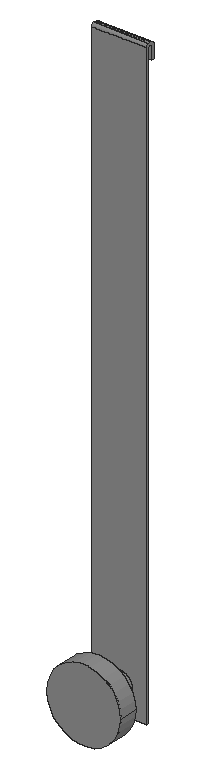
Revit family "Haworth_Pergola_Accessory_CoatHook_PRELIM", category Furniture Systems, Revit 2018
Family settings
  Round Connector Dimension = Use Diameter
  Part Type = Normal
  OmniClass Number = 23.40.20.00
  OmniClass Title = General Furniture and Specialties
  Work Plane-Based = No
  Always vertical = Yes
  Cut with Voids When Loaded = No
  Shared = No
  Room Calculation Point = No
Parameters (values of type "Coat Hook")
  Warranty = "http://www.haworth.com/resources/product-info/warranties"
  Version = "1"  # constant formula
  URL Product = "https://www.haworth.com/na/en/inspiration/pergola.html"
  URL = "http://haworthcollection.com/"
  Sustainability Info = "https://www.haworth.com/na/en/expertise/sustainability.html"
  Small [instance] = no
  Size = "Verify Final Dim. w/ Haworth"  # constant formula
  Model = ""
  Manufacturer = "Haworth"  # constant formula
  Standard Length = "4.5, 31.25, and 55.25 in."  # constant formula
  Large - Single [instance] = yes
  Large - Double [instance] = not(or(Small, [Large - Single]))  # no
  Description = "Haworth - Pergola - Accessories - Coat Hook"  # constant formula
  Coat Hook Finish [instance] = Haworth _ Paint _ Undecided _ Pergola
  Author = "Haworth (Bentzen)"  # constant formula
  Assembly Code = "E2020200"
Reference planes (in)
  plane 1 "Center Front/Back": y = -0.33971
  plane 2: z = 0
  plane 3 "Center Left/Right": x = 0
  plane 4 "Bottom of Mounting Bracket - Large Hook": z = 96
  plane 5 "Bottom of Mounting Bracket - Small Hook": z = 76
  plane 6: z = 69.64409
  plane 7: z = 70.14409
  plane 8: z = 63.43729
  plane 9: z = 62.93729
  plane 10 "Front": y = -2.81836
  plane 11 "Left": x = -1.47638
  plane 12 "Right": x = 1.47638
Forms (in)
  Extrusion 1, solid, material "Haworth _ Paint _ Undecided _ Pergola" <- "Coat Hook Finish", visible <- "Small"
    sketch origin (0, 0.14611, 76.06524) x (0, 1, 0) y (0, 0, 1)
      loop
        line (-0.59055, -5.92114) -> (-0.48583, -5.92114) -> (-0.48583, -0.06524)
        arc (-0.48583, -0.06524) -> (-0.47429, -0.0374) -> (-0.44645, -0.02587) r 0.03937
        line (-0.44645, -0.02587) -> (0.94725, -0.02587) -> (0.94725, 0.07886) -> (-0.44645, 0.07886)
        arc (-0.44645, 0.07886) -> (-0.54835, 0.03665) -> (-0.59055, -0.06524) r 0.14409
        line (-0.59055, -0.06524) -> (-0.59055, -5.92114)
    from -1.47638 to 1.47638
  Extrusion 2, solid, material "Haworth _ Paint _ Undecided _ Pergola" <- "Coat Hook Finish", visible <- "Small"
    sketch origin (0, 0, 77.73711) x (1, 0, 0) y (0, 0, 1)
      loop
        circle (0, -6.1261) r 0.67914
    from 0.44444 to 1.82641
  Extrusion 3, solid, material "Haworth _ Paint _ Undecided _ Pergola" <- "Coat Hook Finish", visible <- "Small"
    sketch origin (0, 0, 77.73711) x (1, 0, 0) y (0, 0, 1)
      loop
        circle (0, -6.1261) r 1.9685
    from 1.82641 to 2.81836
  Extrusion 4, solid, material "Haworth _ Paint _ Undecided _ Pergola" <- "Coat Hook Finish", visible <- "Large - Single"
    sketch origin (0, 0.14611, 69.35844) x (0, 1, 0) y (0, 0, 1)
      loop
        line (-0.59055, -5.92114) -> (-0.48583, -5.92114) -> (-0.48583, 26.64156)
        arc (-0.48583, 26.64156) -> (-0.47429, 26.6694) -> (-0.44645, 26.68093) r 0.03937
        line (-0.44645, 26.68093) -> (-0.28897, 26.68093)
        arc (-0.28897, 26.68093) -> (-0.26114, 26.6694) -> (-0.2496, 26.64156) r 0.03937
        line (-0.2496, 26.64156) -> (-0.2496, 25.9018) -> (-0.14488, 25.9018) -> (-0.14488, 26.64156)
        arc (-0.14488, 26.64156) -> (-0.18579, 26.74216) -> (-0.2853, 26.78566) r 0.14414
        line (-0.2853, 26.78566) -> (-0.44645, 26.78566)
        arc (-0.44645, 26.78566) -> (-0.54835, 26.74345) -> (-0.59055, 26.64156) r 0.14409
        line (-0.59055, 26.64156) -> (-0.59055, -5.92114)
    from -1.47638 to 1.47638
  Extrusion 5, solid, material "Haworth _ Paint _ Undecided _ Pergola" <- "Coat Hook Finish", visible <- "Large - Single"
    sketch origin (0, 0, 71.03031) x (1, 0, 0) y (0, 0, 1)
      loop
        circle (0, -6.1261) r 0.67914
    from 0.44444 to 1.82641
  Extrusion 6, solid, material "Haworth _ Paint _ Undecided _ Pergola" <- "Coat Hook Finish", visible <- "Large - Single"
    sketch origin (0, 0, 71.03031) x (1, 0, 0) y (0, 0, 1)
      loop
        circle (0, -6.1261) r 1.9685
    from 1.82641 to 2.81836
  Extrusion 7, solid, material "Haworth _ Paint _ Undecided _ Pergola" <- "Coat Hook Finish", visible <- "Large - Double"
    sketch origin (0, 0.14611, 69.35844) x (0, 1, 0) y (0, 0, 1)
      loop
        line (-0.59055, -29.92115) -> (-0.48583, -29.92115) -> (-0.48583, 26.64156)
        arc (-0.48583, 26.64156) -> (-0.47429, 26.6694) -> (-0.44645, 26.68093) r 0.03937
        line (-0.44645, 26.68093) -> (-0.28897, 26.68093)
        arc (-0.28897, 26.68093) -> (-0.26114, 26.6694) -> (-0.2496, 26.64156) r 0.03937
        line (-0.2496, 26.64156) -> (-0.2496, 25.9018) -> (-0.14488, 25.9018) -> (-0.14488, 26.64156)
        arc (-0.14488, 26.64156) -> (-0.18579, 26.74216) -> (-0.2853, 26.78566) r 0.14414
        line (-0.2853, 26.78566) -> (-0.44645, 26.78566)
        arc (-0.44645, 26.78566) -> (-0.54835, 26.74345) -> (-0.59055, 26.64156) r 0.14409
        line (-0.59055, 26.64156) -> (-0.59055, -29.92115)
    from -1.47638 to 1.47638
  Extrusion 8, solid, material "Haworth _ Paint _ Undecided _ Pergola" <- "Coat Hook Finish", visible <- "Large - Double"
    sketch origin (0, 0, 71.03031) x (1, 0, 0) y (0, 0, 1)
      loop
        circle (0, -6.1261) r 0.67914
    from 0.44444 to 1.82641
  Extrusion 9, solid, material "Haworth _ Paint _ Undecided _ Pergola" <- "Coat Hook Finish", visible <- "Large - Double"
    sketch origin (0, 0, 71.03031) x (1, 0, 0) y (0, 0, 1)
      loop
        circle (0, -6.1261) r 1.9685
    from 1.82641 to 2.81836
  Extrusion 10, solid, material "Haworth _ Paint _ Undecided _ Pergola" <- "Coat Hook Finish", visible <- "Large - Double"
    sketch origin (0, 0, 47.03031) x (1, 0, 0) y (0, 0, 1)
      loop
        circle (0, -6.1261) r 0.67914
    from 0.44444 to 1.82641
  Extrusion 11, solid, material "Haworth _ Paint _ Undecided _ Pergola" <- "Coat Hook Finish", visible <- "Large - Double"
    sketch origin (0, 0, 47.03031) x (1, 0, 0) y (0, 0, 1)
      loop
        circle (0, -6.1261) r 1.9685
    from 1.82641 to 2.81836
  Extrusion 12, solid, material "Haworth _ Paint _ Undecided _ Pergola" <- "Coat Hook Finish", visible <- "Large - Single", not visible
    sketch origin (18, 0.14611, 69.35844) x (0, 1, 0) y (0, 0, 1)
      loop
        line (-0.59055, -5.92114) -> (-0.48583, -5.92114) -> (-0.48583, 26.64156)
        arc (-0.48583, 26.64156) -> (-0.47429, 26.6694) -> (-0.44645, 26.68093) r 0.03937
        line (-0.44645, 26.68093) -> (-0.28897, 26.68093)
        arc (-0.28897, 26.68093) -> (-0.26114, 26.6694) -> (-0.2496, 26.64156) r 0.03937
        line (-0.2496, 26.64156) -> (-0.2496, 25.9018) -> (-0.14488, 25.9018) -> (-0.14488, 26.64156)
        arc (-0.14488, 26.64156) -> (-0.18579, 26.74216) -> (-0.2853, 26.78566) r 0.14414
        line (-0.2853, 26.78566) -> (-0.44645, 26.78566)
        arc (-0.44645, 26.78566) -> (-0.54835, 26.74345) -> (-0.59055, 26.64156) r 0.14409
        line (-0.59055, 26.64156) -> (-0.59055, -5.92114)
    from -1.47638 to 1.47638
  Extrusion 13, solid, material "Haworth _ Paint _ Undecided _ Pergola" <- "Coat Hook Finish", visible <- "Large - Single", not visible
    sketch origin (18, 0, 71.03031) x (1, 0, 0) y (0, 0, 1)
      loop
        circle (0, -6.1261) r 0.67914
    from 0.44444 to 1.82641
  Extrusion 14, solid, material "Haworth _ Paint _ Undecided _ Pergola" <- "Coat Hook Finish", visible <- "Large - Single", not visible
    sketch origin (18, 0, 71.03031) x (1, 0, 0) y (0, 0, 1)
      loop
        circle (0, -6.1261) r 1.9685
    from 1.82641 to 2.81836
  Extrusion 15, solid, material "Haworth _ Paint _ Undecided _ Pergola" <- "Coat Hook Finish", visible <- "Small", not visible
    sketch origin (0, 0.14611, 76.06524) x (0, 1, 0) y (0, 0, 1)
      loop
        line (-0.59055, -5.92114) -> (-0.48583, -5.92114) -> (-0.48583, -0.06524)
        arc (-0.48583, -0.06524) -> (-0.47429, -0.0374) -> (-0.44645, -0.02587) r 0.03937
        line (-0.44645, -0.02587) -> (0.94725, -0.02587) -> (0.94725, 0.07886) -> (-0.44645, 0.07886)
        arc (-0.44645, 0.07886) -> (-0.54835, 0.03665) -> (-0.59055, -0.06524) r 0.14409
        line (-0.59055, -0.06524) -> (-0.59055, -5.92114)
    from -1.47638 to 1.47638
  Extrusion 16, solid, material "Haworth _ Paint _ Undecided _ Pergola" <- "Coat Hook Finish", visible <- "Small", not visible
    sketch origin (0, 0, 77.73711) x (1, 0, 0) y (0, 0, 1)
      loop
        circle (0, -6.1261) r 0.67914
    from 0.44444 to 1.82641
  Extrusion 17, solid, material "Haworth _ Paint _ Undecided _ Pergola" <- "Coat Hook Finish", visible <- "Small", not visible
    sketch origin (0, 0, 77.73711) x (1, 0, 0) y (0, 0, 1)
      loop
        circle (0, -6.1261) r 1.9685
    from 1.82641 to 2.81836
  Extrusion 18, solid, material "Haworth _ Paint _ Undecided _ Pergola" <- "Coat Hook Finish", visible <- "Large - Double", not visible
    sketch origin (30, 0.14611, 69.35844) x (0, 1, 0) y (0, 0, 1)
      loop
        line (-0.59055, -29.92115) -> (-0.48583, -29.92115) -> (-0.48583, 26.64156)
        arc (-0.48583, 26.64156) -> (-0.47429, 26.6694) -> (-0.44645, 26.68093) r 0.03937
        line (-0.44645, 26.68093) -> (-0.28897, 26.68093)
        arc (-0.28897, 26.68093) -> (-0.26114, 26.6694) -> (-0.2496, 26.64156) r 0.03937
        line (-0.2496, 26.64156) -> (-0.2496, 25.9018) -> (-0.14488, 25.9018) -> (-0.14488, 26.64156)
        arc (-0.14488, 26.64156) -> (-0.18579, 26.74216) -> (-0.2853, 26.78566) r 0.14414
        line (-0.2853, 26.78566) -> (-0.44645, 26.78566)
        arc (-0.44645, 26.78566) -> (-0.54835, 26.74345) -> (-0.59055, 26.64156) r 0.14409
        line (-0.59055, 26.64156) -> (-0.59055, -29.92115)
    from -1.47638 to 1.47638
  Extrusion 19, solid, material "Haworth _ Paint _ Undecided _ Pergola" <- "Coat Hook Finish", visible <- "Large - Double", not visible
    sketch origin (30, 0, 71.03031) x (1, 0, 0) y (0, 0, 1)
      loop
        circle (0, -6.1261) r 0.67914
    from 0.44444 to 1.82641
  Extrusion 20, solid, material "Haworth _ Paint _ Undecided _ Pergola" <- "Coat Hook Finish", visible <- "Large - Double", not visible
    sketch origin (30, 0, 71.03031) x (1, 0, 0) y (0, 0, 1)
      loop
        circle (0, -6.1261) r 1.9685
    from 1.82641 to 2.81836
  Extrusion 21, solid, material "Haworth _ Paint _ Undecided _ Pergola" <- "Coat Hook Finish", visible <- "Large - Double", not visible
    sketch origin (30, 0, 47.03031) x (1, 0, 0) y (0, 0, 1)
      loop
        circle (0, -6.1261) r 0.67914
    from 0.44444 to 1.82641
  Extrusion 22, solid, material "Haworth _ Paint _ Undecided _ Pergola" <- "Coat Hook Finish", visible <- "Large - Double", not visible
    sketch origin (30, 0, 47.03031) x (1, 0, 0) y (0, 0, 1)
      loop
        circle (0, -6.1261) r 1.9685
    from 1.82641 to 2.81836
Lines and regions (in)
  Masking region 1, visible <- "Small"
    outline origin (0, 0, 0) x (1, 0, 0) y (0, 1, 0)
      loop
        line (1.47638, -0.44444) -> (1.47638, 1.09336) -> (-1.47638, 1.09336) -> (-1.47638, -0.44444) -> (-0.67914, -0.44444) -> (-0.67914, -1.82641) -> (-1.9685, -1.82641) -> (-1.9685, -2.81836) -> (1.9685, -2.81836) -> (1.9685, -1.82641) -> (0.67914, -1.82641) -> (0.67914, -0.44444) -> (1.47638, -0.44444)
  Masking region 2, visible <- "Large - Single"
    outline origin (0, 0, 0) x (1, 0, 0) y (0, 1, 0)
      loop
        line (1.47638, -0.44444) -> (1.47638, 0) -> (-1.47638, 0) -> (-1.47638, -0.44444) -> (-0.67914, -0.44444) -> (-0.67914, -1.82641) -> (-1.9685, -1.82641) -> (-1.9685, -2.81836) -> (1.9685, -2.81836) -> (1.9685, -1.82641) -> (0.67914, -1.82641) -> (0.67914, -0.44444) -> (1.47638, -0.44444)
  Masking region 3, visible <- "Large - Double"
    outline origin (0, 0, 0) x (1, 0, 0) y (0, 1, 0)
      loop
        line (1.47638, -0.44444) -> (1.47638, 0) -> (-1.47638, 0) -> (-1.47638, -0.44444) -> (-0.67914, -0.44444) -> (-0.67914, -1.82641) -> (-1.9685, -1.82641) -> (-1.9685, -2.81836) -> (1.9685, -2.81836) -> (1.9685, -1.82641) -> (0.67914, -1.82641) -> (0.67914, -0.44444) -> (1.47638, -0.44444)
  Masking region 4, visible <- "Large - Single", not visible
    outline origin (18, 0, 0) x (1, 0, 0) y (0, 1, 0)
      loop
        line (1.47638, -0.44444) -> (1.47638, 0) -> (-1.47638, 0) -> (-1.47638, -0.44444) -> (-0.67914, -0.44444) -> (-0.67914, -1.82641) -> (-1.9685, -1.82641) -> (-1.9685, -2.81836) -> (1.9685, -2.81836) -> (1.9685, -1.82641) -> (0.67914, -1.82641) -> (0.67914, -0.44444) -> (1.47638, -0.44444)
  Masking region 5, visible <- "Small", not visible
    outline origin (0, 0, 0) x (1, 0, 0) y (0, 1, 0)
      loop
        line (1.47638, -0.44444) -> (1.47638, 1.09336) -> (-1.47638, 1.09336) -> (-1.47638, -0.44444) -> (-0.67914, -0.44444) -> (-0.67914, -1.82641) -> (-1.9685, -1.82641) -> (-1.9685, -2.81836) -> (1.9685, -2.81836) -> (1.9685, -1.82641) -> (0.67914, -1.82641) -> (0.67914, -0.44444) -> (1.47638, -0.44444)
  Masking region 6, visible <- "Large - Double", not visible
    outline origin (30, 0, 0) x (1, 0, 0) y (0, 1, 0)
      loop
        line (1.47638, -0.44444) -> (1.47638, 0) -> (-1.47638, 0) -> (-1.47638, -0.44444) -> (-0.67914, -0.44444) -> (-0.67914, -1.82641) -> (-1.9685, -1.82641) -> (-1.9685, -2.81836) -> (1.9685, -2.81836) -> (1.9685, -1.82641) -> (0.67914, -1.82641) -> (0.67914, -0.44444) -> (1.47638, -0.44444)
Dimensions and locks (in)
  plane 5 "Bottom of Mounting Bracket - Small Hook" to plane 2 = 76.000"
  plane 4 "Bottom of Mounting Bracket - Large Hook" to plane 2 = 96.000"
  aligned and locked: level to plane 2
  aligned and locked: plane 7 to Extrusion 1
  aligned and locked: plane 1 "Center Front/Back" to Extrusion 7
